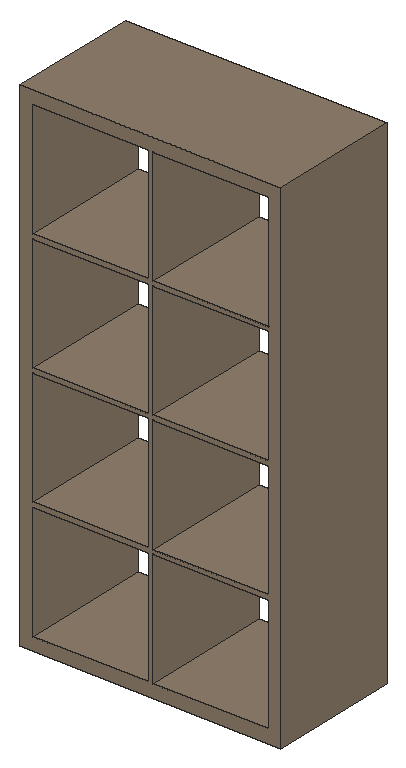
Revit family "Ikea_Expedit_4x2_Shelf", category Furniture, Revit 8.0
Reference planes (in)
  plane 1 "Center F/B": y = 0
  plane 2: z = 0
  plane 3 "Center L/R": x = 0
Forms (in)
  Extrusion 1, solid
    sketch origin (3.35711, 0, 0) x (1, 0, 0) y (0, 1, 0)
      loop
        line (-32.66961, 7.6875) -> (-32.66961, -7.6875) -> (-2.16961, -7.6875) -> (-2.16961, 7.6875) -> (-32.66961, 7.6875)
    from 0 to 58.625
  Extrusion 2, void
    sketch origin (0, 0, 0) x (1, 0, 0) y (0, 0, 1)
      loop
        line (-27.8125, 57.125) -> (-27.8125, 43.59375) -> (-14.28125, 43.59375) -> (-14.28125, 57.125) -> (-27.8125, 57.125)
      loop
        line (-27.8125, 29.5625) -> (-14.28125, 29.5625) -> (-14.28125, 43.09375) -> (-27.8125, 43.09375) -> (-27.8125, 29.5625)
      loop
        line (-0.25, 57.125) -> (-13.78125, 57.125) -> (-13.78125, 43.59375) -> (-0.25, 43.59375) -> (-0.25, 57.125)
      loop
        line (-13.78125, 29.5625) -> (-0.25, 29.5625) -> (-0.25, 43.09375) -> (-13.78125, 43.09375) -> (-13.78125, 29.5625)
      loop
        line (-27.8125, 1.5) -> (-14.28125, 1.5) -> (-14.28125, 15.03125) -> (-27.8125, 15.03125) -> (-27.8125, 1.5)
      loop
        line (-27.8125, 29.0625) -> (-27.8125, 15.53125) -> (-14.28125, 15.53125) -> (-14.28125, 29.0625) -> (-27.8125, 29.0625)
      loop
        line (-0.25, 1.5) -> (-0.25, 15.03125) -> (-13.78125, 15.03125) -> (-13.78125, 1.5) -> (-0.25, 1.5)
      loop
        line (-13.78125, 29.0625) -> (-13.78125, 15.53125) -> (-0.25, 15.53125) -> (-0.25, 29.0625) -> (-13.78125, 29.0625)
    from -7.6875 to 7.6875
Cuts and joins
  Extrusion 2 cuts Extrusion 1
Dimensions and locks (in)
  aligned: Extrusion 1 to Extrusion 2  (x2)
